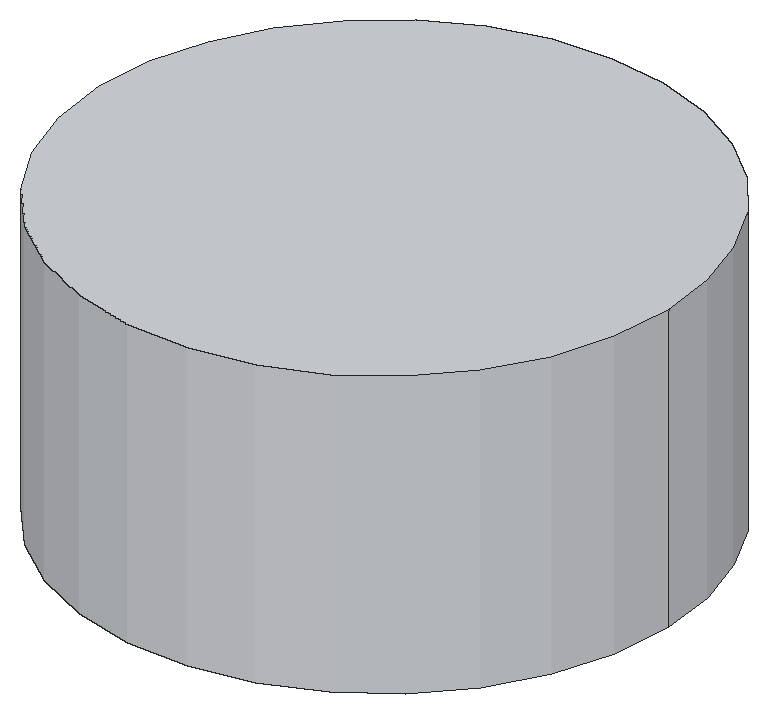
Revit family "10982000", category Specialty Equipment, Revit 2020
Family settings
  Round Connector Dimension = Use Diameter
  Part Type = Normal
  OmniClass Number = 23.40.40.14
  OmniClass Title = Food Service Equipment
  Work Plane-Based = No
  Always vertical = Yes
  Cut with Voids When Loaded = No
  Shared = No
  Room Calculation Point = No
Parameters (values of type "Standard")
  URL = "https://www.rustfriebergh.no/produkter/serveringsdisker/displaymonter-rbdm/"
  Model = "10982000"
  Manufacturer = "RUSTFRIE BERGH AS"
  Description = "Displaymonter RBDM 2000"
  Default Elevation = 0 mm
Reference planes
  plane 1 "Center (Front/Back)": y = 0
  plane 2: z = 0
  plane 3 "Center (Left/Right)": x = 0
Forms (mm)
  Extrusion 1, solid
    sketch origin (790, 256, 51.5) x (1, 0, 0) y (0, 1, 0)
      loop
        circle (0, 0) r 3.048
    from 0 to -3.048
Dimensions and locks
  aligned and locked: level to plane 2
Connectors
  electrical at (790, 256, 51.5)
    settings: on Extrusion 1, index 1, voltage 230 V, apparent load 1050 VA, apparent load phase1 0 VA, apparent load phase2 0 VA, apparent load phase3 0 VA, power factor 0, load classification "Other", number of poles 1, system type 30, power factor state 1, is connector primary yes, connector utility no, sub classification motor no, connector description "230V 50/60HZ 4,56A"
